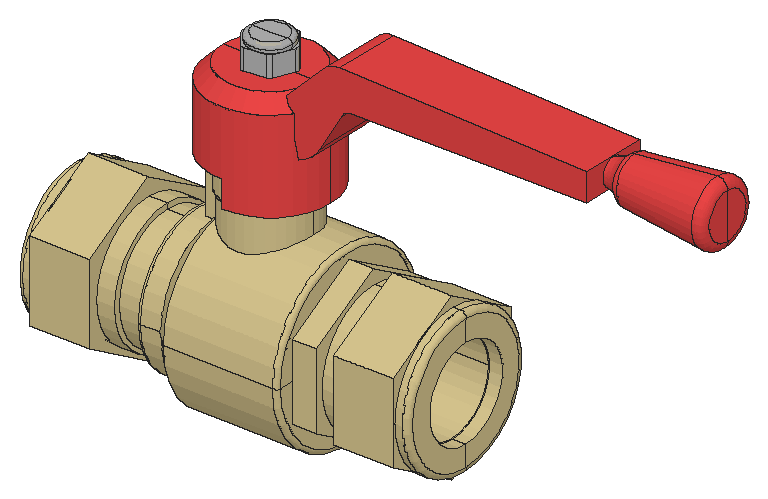
Revit family "QA10700000", category Apparecchi idraulici, Revit 2016
Family settings
  Tipo di parte = Normale
  Quota connettore circolare = Usa diametro
  Numero OmniClass = 23.45.00.00
  Titolo OmniClass = Sanitary, Laundry, and Cleaning Equipment
  Basato su piano di lavoro = No
  Sempre verticale = Sì
  Taglio con vuoti quando caricato = No
  Condiviso = No
  Punto di calcolo locali = No
Parameters
  URL = "https://web.cimberio.it/index.php/figura/200?subcategoria_id=42864"
  DN Model [instance] = QA10705022 : QA10705022
  DN [instance] = 25 mm
Reference planes
  plane 1 "Centro (Fronte/Retro)": y = 0
  plane 2: z = 0
  plane 3 "Centro (Sinistra/Destra)": x = 0
Dimensions and locks
  aligned and locked: level to plane 2
Nested families
  nested 1: "QA10705022" at (0, 0, 0), type <- "DN Model", type "QA10705022"
    with DN 10 mm
  nested 2: "QA10705022" at (0, 0, 0), type <- "DN Model", type "QA10705022"
    with DN 10 mm
  nested 3: "QA10705022" at (0, 0, 0), type <- "DN Model", type "QA10705022"
    with DN 10 mm
  nested 4: "QA10705022" at (0, 0, 0), type <- "DN Model", type "QA10705022"
    with DN 10 mm
  nested 5: "QA10705022" at (0, 0, 0), type <- "DN Model", type "QA10705022"
    with DN 10 mm
  nested 6: "QA10705022" at (0, 0, 0), type <- "DN Model", type "QA10705022"
    with DN 10 mm
  nested 7: "QA10705022" at (0, 0, 0), type <- "DN Model", type "QA10705022"
    with DN 10 mm
  nested 8: "QA10705022" at (0, 0, 0), type <- "DN Model", type "QA10705022"
    with DN 10 mm
  nested 9: "QA10705022" at (0, 0, 0), type <- "DN Model", type "QA10705022"
    with DN 10 mm
Connectors
  piping at (-39.7, 0, 0), diameter 25, driven by "DN"
    settings: on nested 1, index 1, connector inside diameter 609.6 mm, connector length 0 mm, flow factor 0, pipe flow 0.0 L/s, pressure drop 0.0 Pa, fitting loss kfactor 0, connector angle 0.00°, fixture units 0, engagement length 0 mm, angle of deflection 0.00°, flow configuration 0, flow direction 0, fitting loss method 0, system type 7, joint type 0, gender type 0, connector reference index -1, connector utility 0, adjustable connector no, is connector primary yes, connector description ""
  piping at (39.798, 0, 0), diameter 25, driven by "DN"
    settings: on nested 1, index 2, connector inside diameter 609.6 mm, connector length 0 mm, flow factor 0, pipe flow 0.0 L/s, pressure drop 0.0 Pa, fitting loss kfactor 0, connector angle 0.00°, fixture units 0, engagement length 0 mm, angle of deflection 0.00°, flow configuration 0, flow direction 0, fitting loss method 0, system type 7, joint type 0, gender type 0, connector reference index -1, connector utility 0, adjustable connector no, is connector primary no, connector description ""
Definition of nested family "QA10705022"
  Parameters (values of type "QA10705022")
    DN [instance] = 10 mm  # constant formula
  Reference planes
    plane 1 "Centro (Fronte/Retro)": y = 0
    plane 2: z = 0
    plane 3 "Centro (Sinistra/Destra)": x = 0
  Forms (mm)
    Revolve 1, solid
      sketch origin (0, 0, 0) x (1, 0, 0) y (0, 1, 0)
        loop
          line (-16.5, 10) -> (17.1, 10) -> (17.1, 18.5)
          arc (17.1, 18.5) -> (16.807, 19.207) -> (16.1, 19.5) r 1
          line (16.1, 19.5) -> (-7.75, 19.5) -> (-11.25, 16) -> (-15.5, 16)
          arc (-15.5, 16) -> (-16.207, 15.707) -> (-16.5, 15) r 1
          line (-16.5, 15) -> (-16.5, 10)
        axis (-16.5, 0) -> (17.1, 0)
      angle from 0 to 360
    Revolve 2, solid
      sketch origin (0, 0, 4) x (1, 0, 0) y (0, 0, 1)
        loop
          line (0.063, 27.3) -> (0.063, 11.623) -> (9.5, 11.623) -> (9.5, 21)
          arc (9.5, 21) -> (9.863, 21.294) -> (10, 21.742) r 0.8
          line (10, 21.742) -> (10, 27.3) -> (0.063, 27.3)
        axis (0.063, 11.623) -> (0.063, 27.3)
      angle from 0 to 360
    Extrusion 3, solid
      sketch origin (0, 0, 4) x (1, 0, 0) y (0, 0, 1)
        loop
          line (-15, 26.3) -> (-15, 22) -> (-13, 20.845) -> (-13, 10.345) -> (-7.86, 10.345) -> (-7.86, 26.3) -> (-15, 26.3)
      from -1.5 to 1.5
    Revolve 4, solid
      sketch origin (0, 0, 4) x (1, 0, 0) y (0, 0, 1)
        loop
          line (0, 30.531) -> (-6.985, 30.531) -> (-6.985, 27.3) -> (0, 27.3) -> (0, 30.531)
        axis (0, 30.531) -> (0, 27.3)
      angle from 0 to 360
    Revolve 5, solid
      sketch origin (0, 0, 4) x (1, 0, 0) y (0, 0, 1)
        loop
          line (0, 45.8) -> (-10.25, 45.8) -> (-13.25, 42.8) -> (-13.25, 22.8) -> (-7.25, 22.8) -> (-7.25, 38.318) -> (0, 38.318) -> (0, 45.8)
        axis (0, 45.8) -> (0, 22.8)
      angle from 0 to 360
    Revolve 6, solid
      sketch origin (0, 0, 4) x (1, 0, 0) y (0, 0, 1)
        loop
          line (0, 51.8) -> (0, 50.016) -> (4.75, 50.016) -> (4.75, 50.8)
          arc (4.75, 50.8) -> (4.457, 51.507) -> (3.75, 51.8) r 1
          line (3.75, 51.8) -> (0, 51.8)
        axis (0, 51.8) -> (0, 50.016)
      angle from 0 to 360
    Extrusion 7, solid
      sketch origin (0, 0, 32.55) x (0.979214, 0.20283, 0) y (-0.20283, 0.979214, 0)
        loop
          line (5.501, 0.127) -> (3.472, 4.287)
          arc (3.472, 4.287) -> (3.145, 4.663) -> (2.674, 4.825) r 0.962
          line (2.674, 4.825) -> (-1.937, 5.147)
          arc (-1.937, 5.147) -> (-2.461, 5.045) -> (-2.864, 4.695) r 1.032
          line (-2.864, 4.695) -> (-5.424, 0.899)
          arc (-5.424, 0.899) -> (-5.599, 0.392) -> (-5.496, -0.136) r 1.038
          line (-5.496, -0.136) -> (-3.479, -4.272)
          arc (-3.479, -4.272) -> (-3.142, -4.659) -> (-2.657, -4.826) r 0.991
          line (-2.657, -4.826) -> (1.958, -5.149)
          arc (1.958, -5.149) -> (2.463, -5.05) -> (2.852, -4.713) r 0.994
          line (2.852, -4.713) -> (5.429, -0.891)
          arc (5.429, -0.891) -> (5.601, -0.392) -> (5.501, 0.127) r 1.021
      from 17.25 to 21.75
    Extrusion 8, void
      sketch origin (0, 0, 32.55) x (1, 0, 0) y (0, 1, 0)
        loop
          line (-8.5, 0) -> (-14.381, 0)
          arc (-14.381, 0) -> (-10.169, -10.169) -> (0, -14.381) r 14.381
          line (0, -14.381) -> (0, -8.5)
          arc (0, -8.5) -> (-6.01, -6.01) -> (-8.5, 0) r 8.5
      from -6.445 to 0.25
    Extrusion 9, solid
      sketch origin (0, 0, 0) x (1, 0, 0) y (0, 0, 1)
        loop
          line (9.489, 49.789) -> (12.171, 38.235)
          arc (12.171, 38.235) -> (14.899, 39.625) -> (16.907, 41.935) r 8.021
          line (16.907, 41.935) -> (21.6, 50.064)
          arc (21.6, 50.064) -> (22.506, 50.971) -> (23.741, 51.314) r 2.514
          line (23.741, 51.314) -> (75.001, 51.81) -> (75.001, 57.8) -> (21.145, 59.243)
          arc (21.145, 59.243) -> (19.162, 58.888) -> (17.48, 57.78) r 5
          line (17.48, 57.78) -> (9.489, 49.789)
      from -7.293 to 7.293
    Revolve 10, solid
      sketch origin (0, 0, 0) x (1, 0, 0) y (0, 0, 1)
        loop
          line (100, 54.8) -> (100, 59.811)
          arc (100, 59.811) -> (99.338, 61.298) -> (97.791, 61.8) r 2
          line (97.791, 61.8) -> (79.776, 59.883)
          arc (79.776, 59.883) -> (79.119, 59.694) -> (78.564, 59.294) r 1.983
          arc (78.564, 59.294) -> (76.935, 58.184) -> (75.001, 57.8) r 4.936
          line (75.001, 57.8) -> (75.001, 54.8) -> (100, 54.8)
        axis (100, 54.8) -> (75.001, 54.8)
      angle from 0 to 360
    Revolve 11, solid
      sketch origin (0, 0, 0) x (1, 0, 0) y (0, 0, 1)
        loop
          line (-17.5, 13.25) -> (-22.5, 13.25) -> (-22.5, 14.25) -> (-28.583, 14.25) -> (-28.583, 10) -> (-16.5, 10) -> (-16.5, 14.25)
          arc (-16.5, 14.25) -> (-16.793, 13.543) -> (-17.5, 13.25) r 1
        axis (-16.5, 0) -> (-28.583, 0)
      angle from 0 to 360
    Extrusion 12, solid
      sketch origin (-11, 0, 0) x (0, 0, 1) y (0, 1, 0)
        loop
          circle (0, 0) r 10
        loop
          line (18, 0) -> (8.762, 16) -> (-8.762, 16) -> (-18, 0) -> (-8.762, -16) -> (8.762, -16) -> (18, 0)
      from 15.7 to 28.7
    Revolve 13, solid
      sketch origin (0, 0, 0) x (1, 0, 0) y (0, 0, 1)
        loop
          line (-39.7, 15.85) -> (-41.45, 15.85)
          arc (-41.45, 15.85) -> (-42.334, 15.484) -> (-42.7, 14.6) r 1.25
          line (-42.7, 14.6) -> (-42.7, 10) -> (-39.7, 10) -> (-39.7, 15.85)
        axis (-42.7, 0) -> (-39.7, 0)
      angle from 0 to 360
    Extrusion 14, solid
      sketch origin (-11, 0, 0) x (0, 0, 1) y (0, 1, 0)
        loop
          circle (0, 0) r 10
        loop
          line (17.25, 0) -> (8.301, 15.5) -> (-8.301, 15.5) -> (-17.25, 0) -> (-8.301, -15.5) -> (8.301, -15.5) -> (17.25, 0)
      from -33.6 to -28.1
    Extrusion 15, solid
      sketch origin (11.098, 0, 0) x (0, 0, 1) y (0, -1, 0)
        loop
          circle (0, 0) r 10
        loop
          line (18, 0) -> (8.762, 16) -> (-8.762, 16) -> (-18, 0) -> (-8.762, -16) -> (8.762, -16) -> (18, 0)
      from 15.7 to 28.7
    Revolve 16, solid
      sketch origin (0.098, 0, 0) x (-1, 0, 0) y (0, 0, -1)
        loop
          line (-39.7, -15.85) -> (-39.7, -10) -> (-42.7, -10) -> (-42.7, -14.6)
          arc (-42.7, -14.6) -> (-42.334, -15.484) -> (-41.45, -15.85) r 1.25
          line (-41.45, -15.85) -> (-39.7, -15.85)
        axis (-42.7, 0) -> (-39.7, 0)
      angle from 0 to 360
    Revolve 17, solid
      sketch origin (0, 0, 0) x (1, 0, 0) y (0, 0, 1)
        loop
          line (22.6, 14.25) -> (22.6, 10) -> (26.798, 10) -> (26.798, 14.25) -> (22.6, 14.25)
        axis (22.6, 0) -> (26.798, 0)
      angle from 0 to 360
  Cuts and joins
    Extrusion 8 cuts Revolve 5
  Dimensions and locks
    aligned and locked: level to plane 2
